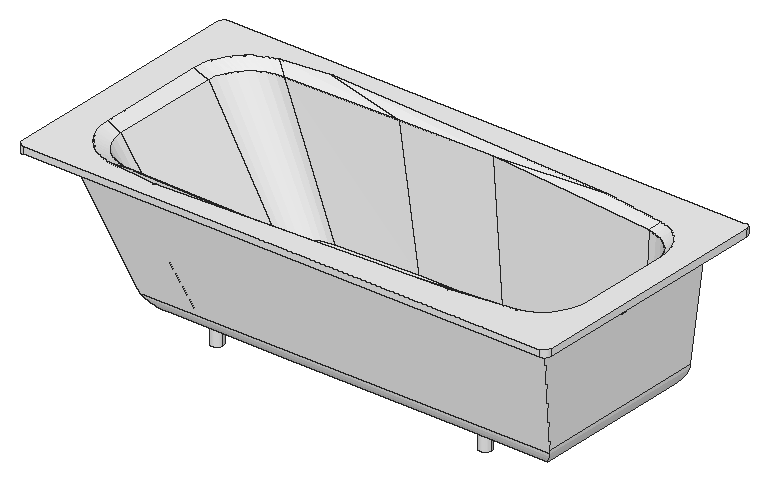
Revit family "Bathtub_Commercial_FBY1700P_TOTO", category Plumbing Fixtures, host Face, Revit 2013
Parameters
  ecoScorecard_data = " "
  ecoScorecard Product Page = "  "
  Width = 32"
  Waste Connection Radius = Waste Connection NPT / 2  # 1 1/8"
  Waste Connection NPT = 2 1/4"
  Warranty URL = "http://www.totousa.com/warranty-registration"
  Warranty = "Lifetime Limited Warranty"  # constant formula
  URL = "http://www.totousa.com"
  Toto BIM Number = "BM-00066"  # constant formula
  Subcategory = "Bathtubs"  # constant formula
  Style = "Commercial"  # constant formula
  Spec Sheet URL = "http://assets.totousa.com/product-files/SS-00314_FBY1700P.pdf"
  Shipping Weight = 309.00 lbf
  Product Page URL = " "
  Owners Manual URL = "  "
  Model = "FBY1700P"  # constant formula
  Manufacturer Toll Free Phone = "1-888-295-8134"  # constant formula
  Manufacturer Phone = "(770) 282-8686"  # constant formula
  Manufacturer Fax = "(770) 282-0002"  # constant formula
  Manufacturer Email = "mailto:custservice@totousa.com "
  Manufacturer Address = "1155 Southern Road, Morrow, Georgia 30260"  # constant formula
  Manufacturer = "TOTO USA, Inc."  # constant formula
  Height = 18 5/16"
  Finish = Metal - TOTO - Chrome - Polished
  Description = "Enameled Cast Iron Bathtub"  # constant formula
  Depth = 66"
  Default Elevation = 48"
  Cost Info = "mailto:custservice@totousa.com "
  Color Availability = "#01  Cotton, #12  Sedona Beige"  # constant formula
  CAD Drawing URL = "http://assets.totousa.com/product-files/AD-00163_FBY1700.dxf"
  Assembly Code = "D2010510"
  ADA Compliant = yes
  95 CSI = "15410"
  04 CSI = "22 42 19"
Reference planes (in)
  plane 1 "Center (Front/Back)": y = 0
  plane 2: z = 0
  plane 3 "Center (Left/Right)": x = 0
Dimensions and locks (in)
  aligned and locked: plane 2 to host face
  aligned and locked: level to host face
Nested families (in)
  nested 1: "FBY1700P" at (0, 0, 0), type "FBY1700P"
Connectors (in)
  piping at (24.5, 0, 0.75), driven by "Waste Connection Radius"
    settings: on nested 1, index 1, connector radius 1 1/8", flow factor 0, pipe flow 0 GPM, pressure drop 0.00 psi, fitting loss kfactor 0, connector angle 0.00°, fixture units 0, engagement length 0", flow configuration 3, flow direction 1, fitting loss method 0, system type 16, joint type 0, gender type 0, connector reference index -1, connector utility 0, adjustable connector no, is connector primary yes, fitting loss table "", connector description "Waste Outlet Connection"
Definition of nested family "FBY1700P"
  Parameters (values of type "FBY1700P")
    ecoScorecard_data = ""
    ecoScorecard Product Page = ""
    Waste Connection Radius = Waste Connection NPT / 2  # 1 3/32"
    Waste Connection NPT = 2 3/16"
    Waste Connection = yes
    WFU = 0
    Vent Connection = yes
    URL = "http://www.totousa.com"
    Toto Version = "V.01"  # constant formula
    Toto BIM Number = "BM-00066"  # constant formula
    Subcategory = "Baths"  # constant formula
    Shipping Weight = 355.30 lbf
    Product URL = "http://www.totousa.com/ProductDetail/tabid/75/Default.aspx?ProductId=8239ccf7-355c-481f-ae32-b747adef9ec8&SearchId=b0631b88-92bd-46f0-9928-1a77ab90cbb8"
    Nominal Width = 32"  # constant formula
    Nominal Length = 66"  # constant formula
    Nominal Height = 18 5/16"  # constant formula
    Model = "FBY1700P"
    Manufacturer = "TOTO USA, Inc."  # constant formula
    HWFU = 0
    HW Connection = no
    Description = "Enameled Cast Iron Bathtub"
    Default Elevation = 0"
    CWFU = 0
    CW Connection = no
    CADworks URL = "http://www.CADworks.net"
    Bathtub Material = Metal - TOTO - Chrome - Polished
    Assembly Code = "D2010510"
    ADA Compliant = yes
  Reference planes (in)
    plane 1 "Center (Front/Back)": y = 0
    plane 2: z = 0
    plane 3 "Center (Left/Right)": x = 0
    plane 4: z = 18.3125
    plane 5: z = 17.5
    plane 6: x = -33
    plane 7 "Wall Closure": x = 33
    plane 8: y = -16
    plane 9: y = 16
    plane 10: x = 24.5
    plane 11: x = 20
    plane 12: x = -13.4375
    plane 13: y = 9.25
    plane 14: y = -9.25
    plane 15: z = 15.5625
    plane 16: z = 0.75
  Forms (in)
    Extrusion 1, solid
      sketch origin (0, 0, 0) x (1, 0, 0) y (0, 1, 0)
        loop
          line (-48, 48) -> (-48, -48) -> (48, -48) -> (48, 48) -> (-48, 48)
      from 0 to -4.68796
    Extrusion 2, solid, material "Metal - TOTO - Chrome - Polished" <- "Bathtub Material", detail levels medium+fine
      sketch origin (-25, -180, 18.3125) x (-1, 0, 0) y (0, -1, 0)
        loop
          line (7.2125, -164) -> (-57.2125, -164)
          arc (-57.2125, -164) -> (-57.76935, -164.23065) -> (-58, -164.7875) r 0.7875
          line (-58, -164.7875) -> (-58, -195.2125)
          arc (-58, -195.2125) -> (-57.76935, -195.76935) -> (-57.2125, -196) r 0.7875
          line (-57.2125, -196) -> (7.2125, -196)
          arc (7.2125, -196) -> (7.76935, -195.76935) -> (8, -195.2125) r 0.7875
          line (8, -195.2125) -> (8, -164.7875)
          arc (8, -164.7875) -> (7.76935, -164.23065) -> (7.2125, -164) r 0.7875
      from 0 to -0.8125
    Extrusion 3, solid, material "Metal - TOTO - Chrome - Polished" <- "Bathtub Material", detail levels medium+fine
      sketch origin (0, 0, 0) x (1, 0, 0) y (0, 1, 0)
        loop
          line (-33, 16) -> (-33, -16) -> (33, -16) -> (33, 16) -> (-33, 16)
      from 0 to 17.5
    Extrusion 4, void
      sketch origin (0, 0, 0) x (1, 0, 0) y (0, 0, 1)
        loop
          line (33, 17.5) -> (30, 17.5) -> (29.36763, 3.74599)
          arc (29.36763, 3.74599) -> (28.53826, 1.94768) -> (26.68931, 1.23835) r 2.62891
          line (26.68931, 1.23835) -> (-18.65453, 2.13874)
          arc (-18.65453, 2.13874) -> (-20.76422, 2.75421) -> (-22.27653, 4.34873) r 4.21094
          line (-22.27653, 4.34873) -> (-29.375, 17.5) -> (-33, 17.5) -> (-33, 0) -> (33, 0) -> (33, 17.5)
      from -16 to 16
    Extrusion 5, void
      sketch origin (-33, -180, 36.3125) x (0, 0, 1) y (0, -1, 0)
        loop
          line (-35.06953, -188.42213) -> (-35.06953, -171.57787)
          arc (-35.06953, -171.57787) -> (-34.44524, -169.92509) -> (-32.88418, -169.09775) r 2.5
          line (-32.88418, -169.09775) -> (-18.8125, -167.3125) -> (-18.8125, -164) -> (-36.3125, -164) -> (-36.3125, -196) -> (-18.8125, -196) -> (-18.8125, -192.6875) -> (-32.88418, -190.90225)
          arc (-32.88418, -190.90225) -> (-34.44524, -190.07491) -> (-35.06953, -188.42213) r 2.5
      from 0 to 66
    Extrusion 6, solid, material "Metal - TOTO - Chrome - Polished" <- "Bathtub Material", detail levels medium+fine
      sketch origin (0, 0, 0) x (1, 0, 0) y (0, 1, 0)
        loop
          circle (-13.4375, 9.25) r 0.75
        loop
          circle (-13.4375, -9.25) r 0.75
      from 0 to 2.28821
    Extrusion 7, solid, material "Metal - TOTO - Chrome - Polished" <- "Bathtub Material", detail levels medium+fine
      sketch origin (0, 0, 0) x (1, 0, 0) y (0, 1, 0)
        loop
          circle (20, 9.25) r 0.75
        loop
          circle (20, -9.25) r 0.75
      from 0 to 1.92656
    Revolve 8, solid, material "Metal - TOTO - Chrome - Polished" <- "Bathtub Material", detail levels medium+fine
      sketch origin (0, 0, 0) x (1, 0, 0) y (0, 0, 1)
        loop
          line (22.625, 0.75) -> (24.5, 0.75) -> (24.5, 1.65459) -> (22, 1.65459)
          arc (22, 1.65459) -> (22.41359, 1.27214) -> (22.625, 0.75) r 1.2913
        axis (24.5, 0.75) -> (24.5, 1.65459)
      angle from 0 to 360
    SweptBlend 9, void
      path origin (0, 0, 0) x (1, 0, 0) y (0, 0, 1)
        loop
          line (0, 18.3125) -> (0, 17.5)
      profile origin (0, 0, 18.3125) x (0, -1, 0) y (1, 0, 0)
        loop
          line (5.75441, 29.99262) -> (-5.75441, 29.99262)
          arc (-5.75441, 29.99262) -> (-9.2434, 28.74431) -> (-11.14864, 25.56604) r 5.5
          arc (-11.14864, 25.56604) -> (-11.80112, 21.81547) -> (-12.27152, 18.03775) r 78.72079
          arc (-12.27152, 18.03775) -> (-13.55526, 0.19982) -> (-13.84375, -17.68191) r 321.05272
          arc (-13.84375, -17.68191) -> (-13.65961, -20.70976) -> (-13.17998, -23.70505) r 30.95467
          arc (-13.17998, -23.70505) -> (-10.82741, -27.55474) -> (-6.57519, -29.0625) r 6.75
          line (-6.57519, -29.0625) -> (6.77712, -29.0625)
          arc (6.77712, -29.0625) -> (10.85087, -27.62753) -> (13.12594, -23.95621) r 6.5
          arc (13.12594, -23.95621) -> (13.64527, -20.83742) -> (13.84375, -17.68191) r 30.95467
          arc (13.84375, -17.68191) -> (13.55526, 0.19982) -> (12.27152, 18.03775) r 321.05272
          arc (12.27152, 18.03775) -> (11.80112, 21.81547) -> (11.14864, 25.56604) r 78.72079
          arc (11.14864, 25.56604) -> (9.2434, 28.74431) -> (5.75441, 29.99262) r 5.5
      end profile origin (0, 0, 17.5) x (0, -1, 0) y (1, 0, 0)
        loop
          arc (-6.80806, -27.36932) -> (0, -27.5) -> (6.80806, -27.36932) r 177.40586
          arc (6.80806, -27.36932) -> (10.42815, -25.72293) -> (11.85538, -22.01097) r 5.25
          arc (11.85538, -22.01097) -> (11.86309, -14.98457) -> (12.1865, -7.96561) r 156.33891
          arc (12.1865, -7.96561) -> (12.39437, -2.11001) -> (12.2152, 3.74654) r 88.70293
          arc (12.2152, 3.74654) -> (11.38327, 14.3044) -> (10.23462, 24.83252) r 352.59414
          arc (10.23462, 24.83252) -> (8.55793, 28.06796) -> (5.17896, 29.43252) r 5.25
          arc (5.17896, 29.43252) -> (0, 29.50861) -> (-5.17896, 29.43252) r 176.29707
          arc (-5.17896, 29.43252) -> (-8.55793, 28.06796) -> (-10.23462, 24.83252) r 5.25
          arc (-10.23462, 24.83252) -> (-11.38327, 14.3044) -> (-12.2152, 3.74654) r 352.59414
          arc (-12.2152, 3.74654) -> (-12.39437, -2.11001) -> (-12.1865, -7.96561) r 88.70293
          arc (-12.1865, -7.96561) -> (-11.86309, -14.98457) -> (-11.85538, -22.01097) r 156.33891
          arc (-11.85538, -22.01097) -> (-10.42815, -25.72293) -> (-6.80806, -27.36932) r 5.25
    SweptBlend 10, void
      path origin (0, 0, 0) x (1, 0, 0) y (0, 0, 1)
        loop
          line (0, 17.5) -> (0, 2.5)
      profile origin (0, 0, 17.5) x (0, -1, 0) y (1, 0, 0)
        loop
          arc (-11.85538, -22.01097) -> (-10.42815, -25.72293) -> (-6.80806, -27.36932) r 5.25
          arc (-6.80806, -27.36932) -> (0, -27.5) -> (6.80806, -27.36932) r 177.40586
          arc (6.80806, -27.36932) -> (10.42815, -25.72293) -> (11.85538, -22.01097) r 5.25
          arc (11.85538, -22.01097) -> (11.86309, -14.98457) -> (12.1865, -7.96561) r 156.33891
          arc (12.1865, -7.96561) -> (12.39437, -2.11001) -> (12.2152, 3.74654) r 88.70293
          arc (12.2152, 3.74654) -> (11.38327, 14.3044) -> (10.23462, 24.83252) r 352.59414
          arc (10.23462, 24.83252) -> (8.55793, 28.06796) -> (5.17896, 29.43252) r 5.25
          arc (5.17896, 29.43252) -> (0, 29.50861) -> (-5.17896, 29.43252) r 176.29707
          arc (-5.17896, 29.43252) -> (-8.55793, 28.06796) -> (-10.23462, 24.83252) r 5.25
          arc (-10.23462, 24.83252) -> (-11.38327, 14.3044) -> (-12.2152, 3.74654) r 352.59414
          arc (-12.2152, 3.74654) -> (-12.39437, -2.11001) -> (-12.1865, -7.96561) r 88.70293
          arc (-12.1865, -7.96561) -> (-11.86309, -14.98457) -> (-11.85538, -22.01097) r 156.33891
      end profile origin (0, 0, 2.5) x (0, -1, 0) y (1, 0, 0)
        loop
          arc (10.0651, -3.80473) -> (10.24958, 1.39191) -> (10.09057, 6.5894) r 78.72079
          arc (10.09057, 6.5894) -> (9.34744, 16.0104) -> (8.32015, 25.40466) r 312.91513
          arc (8.32015, 25.40466) -> (7.21756, 27.62507) -> (4.97053, 28.67232) r 3.75
          arc (4.97053, 28.67232) -> (0, 28.91919) -> (-4.97053, 28.67232) r 50.16318
          arc (-4.97053, 28.67232) -> (-7.21756, 27.62507) -> (-8.32015, 25.40466) r 3.75
          arc (-8.32015, 25.40466) -> (-9.34744, 16.0104) -> (-10.09057, 6.5894) r 312.91513
          arc (-10.09057, 6.5894) -> (-10.24958, 1.39191) -> (-10.0651, -3.80473) r 78.72079
          arc (-10.0651, -3.80473) -> (-9.80905, -8.91267) -> (-9.74143, -14.02657) r 138.74539
          arc (-9.74143, -14.02657) -> (-8.68835, -16.65176) -> (-6.10093, -17.79451) r 3.75
          arc (-6.10093, -17.79451) -> (0, -17.88357) -> (6.10093, -17.79451) r 209.01907
          arc (6.10093, -17.79451) -> (8.68835, -16.65176) -> (9.74143, -14.02657) r 3.75
          arc (9.74143, -14.02657) -> (9.80905, -8.91267) -> (10.0651, -3.80473) r 138.74539
    Extrusion 11, void
      sketch origin (33, -180, 36.3125) x (0, 0, 1) y (0, 1, 0)
        loop
          circle (-20.75, 180) r 1.1875
      from 0 to 8.5
    Extrusion 12, void
      sketch origin (0, 0, 0) x (0, 1, 0) y (1, 0, 0)
        loop
          circle (0, 24.5) r 1.09375
      from -0.75 to -15.5625
    Extrusion 13, solid, material "Metal - TOTO - Chrome - Polished" <- "Bathtub Material", detail levels coarse
      sketch origin (-25, -180, 18.3125) x (-1, 0, 0) y (0, -1, 0)
        loop
          line (8, -196) -> (8, -164) -> (-58, -164) -> (-58, -196) -> (8, -196)
      from -18.3125 to 0
  Cuts and joins
    Extrusion 4, Extrusion 5, SweptBlend 9, SweptBlend 10 cuts Extrusion 2
    Extrusion 4, Extrusion 5, SweptBlend 9, SweptBlend 10, Extrusion 11, Extrusion 12 cuts Extrusion 3
    SweptBlend 9, SweptBlend 10, Extrusion 11, Extrusion 12 cuts Extrusion 6
    SweptBlend 9, SweptBlend 10, Extrusion 11, Extrusion 12 cuts Extrusion 7
    SweptBlend 9, SweptBlend 10, Extrusion 11, Extrusion 12 cuts Revolve 8
    joined: Extrusion 3, Extrusion 6, Extrusion 7, Revolve 8
  Lines and regions (in)
    symbolic lines, detail levels medium+fine
      curve 1: arc (-17.79451, 6.10093, 18.3125) -> (-17.88357, 0, 18.3125) -> (-17.79451, -6.10093, 18.3125) r 209.01907
      curve 2: arc (-17.79451, -6.10093, 18.3125) -> (-16.65176, -8.68835, 18.3125) -> (-14.02657, -9.74143, 18.3125) r 3.75
      curve 3: arc (-14.02657, -9.74143, 18.3125) -> (-8.91267, -9.80905, 18.3125) -> (-3.80473, -10.0651, 18.3125) r 138.74539
      curve 4: arc (-14.02657, 9.74143, 18.3125) -> (-16.65176, 8.68835, 18.3125) -> (-17.79451, 6.10093, 18.3125) r 3.75
      curve 5: arc (28.67232, 4.97053, 18.3125) -> (27.62507, 7.21756, 18.3125) -> (25.40466, 8.32015, 18.3125) r 3.75
      curve 6: arc (28.67232, -4.97053, 18.3125) -> (28.91919, 0, 18.3125) -> (28.67232, 4.97053, 18.3125) r 50.16318
      curve 7: arc (25.40466, -8.32015, 18.3125) -> (27.62507, -7.21756, 18.3125) -> (28.67232, -4.97053, 18.3125) r 3.75
      curve 8: arc (6.5894, -10.09057, 18.3125) -> (16.0104, -9.34744, 18.3125) -> (25.40466, -8.32015, 18.3125) r 312.91513
      curve 9: arc (25.40466, 8.32015, 18.3125) -> (16.0104, 9.34744, 18.3125) -> (6.5894, 10.09057, 18.3125) r 312.91513
      curve 10: arc (6.5894, 10.09057, 18.3125) -> (1.39191, 10.24958, 18.3125) -> (-3.80473, 10.0651, 18.3125) r 78.72079
      curve 11: arc (-3.80473, 10.0651, 18.3125) -> (-8.91267, 9.80905, 18.3125) -> (-14.02657, 9.74143, 18.3125) r 138.74539
      curve 12: arc (-3.80473, -10.0651, 18.3125) -> (1.39191, -10.24958, 18.3125) -> (6.5894, -10.09057, 18.3125) r 78.72079
      curve 13: arc (24.5, 1.09375, 18.3125) -> (25.59375, 0, 18.3125) -> (24.5, -1.09375, 18.3125) r 1.09375
      curve 14: arc (24.5, -1.09375, 18.3125) -> (23.40625, 0, 18.3125) -> (24.5, 1.09375, 18.3125) r 1.09375
      curve 15: line (-29.0625, -6.77712, 18.3125) -> (-29.0625, 6.57519, 18.3125)
      curve 16: arc (-29.0625, 6.57519, 18.3125) -> (-27.55474, 10.82741, 18.3125) -> (-23.70505, 13.17998, 18.3125) r 6.75
      curve 17: arc (-23.95621, -13.12594, 18.3125) -> (-27.62753, -10.85087, 18.3125) -> (-29.0625, -6.77712, 18.3125) r 6.5
      curve 18: arc (-17.68191, -13.84375, 18.3125) -> (-20.83742, -13.64527, 18.3125) -> (-23.95621, -13.12594, 18.3125) r 30.95467
      curve 19: arc (18.03775, -12.27152, 18.3125) -> (0.19982, -13.55526, 18.3125) -> (-17.68191, -13.84375, 18.3125) r 321.05272
      curve 20: arc (25.56604, -11.14864, 18.3125) -> (21.81547, -11.80112, 18.3125) -> (18.03775, -12.27152, 18.3125) r 78.72079
      curve 21: arc (29.99262, -5.75441, 18.3125) -> (28.74431, -9.2434, 18.3125) -> (25.56604, -11.14864, 18.3125) r 5.5
      curve 22: arc (25.56604, 11.14864, 18.3125) -> (28.74431, 9.2434, 18.3125) -> (29.99262, 5.75441, 18.3125) r 5.5
      curve 23: arc (18.03775, 12.27152, 18.3125) -> (21.81547, 11.80112, 18.3125) -> (25.56604, 11.14864, 18.3125) r 78.72079
      curve 24: arc (-17.68191, 13.84375, 18.3125) -> (0.19982, 13.55526, 18.3125) -> (18.03775, 12.27152, 18.3125) r 321.05272
      curve 25: arc (-23.70505, 13.17998, 18.3125) -> (-20.70976, 13.65961, 18.3125) -> (-17.68191, 13.84375, 18.3125) r 30.95467
      curve 26: line (29.99262, 5.75441, 18.3125) -> (29.99262, -5.75441, 18.3125)
      curve 27: arc (-27.36932, 6.80806, 18.3125) -> (-27.5, 0, 18.3125) -> (-27.36932, -6.80806, 18.3125) r 177.40586
      curve 28: arc (-27.36932, -6.80806, 18.3125) -> (-25.72293, -10.42815, 18.3125) -> (-22.01097, -11.85538, 18.3125) r 5.25
      curve 29: arc (-22.01097, -11.85538, 18.3125) -> (-14.98457, -11.86309, 18.3125) -> (-7.96561, -12.1865, 18.3125) r 156.33891
      curve 30: arc (-7.96561, -12.1865, 18.3125) -> (-2.11001, -12.39437, 18.3125) -> (3.74654, -12.2152, 18.3125) r 88.70293
      curve 31: arc (3.74654, -12.2152, 18.3125) -> (14.3044, -11.38327, 18.3125) -> (24.83252, -10.23462, 18.3125) r 352.59414
      curve 32: arc (24.83252, -10.23462, 18.3125) -> (28.06796, -8.55793, 18.3125) -> (29.43252, -5.17896, 18.3125) r 5.25
      curve 33: arc (29.43252, -5.17896, 18.3125) -> (29.50861, 0, 18.3125) -> (29.43252, 5.17896, 18.3125) r 176.29707
      curve 34: arc (29.43252, 5.17896, 18.3125) -> (28.06796, 8.55793, 18.3125) -> (24.83252, 10.23462, 18.3125) r 5.25
      curve 35: arc (24.83252, 10.23462, 18.3125) -> (14.3044, 11.38327, 18.3125) -> (3.74654, 12.2152, 18.3125) r 352.59414
      curve 36: arc (3.74654, 12.2152, 18.3125) -> (-2.11001, 12.39437, 18.3125) -> (-7.96561, 12.1865, 18.3125) r 88.70293
      curve 37: arc (-7.96561, 12.1865, 18.3125) -> (-14.98457, 11.86309, 18.3125) -> (-22.01097, 11.85538, 18.3125) r 156.33891
      curve 38: arc (-22.01097, 11.85538, 18.3125) -> (-25.72293, 10.42815, 18.3125) -> (-27.36932, 6.80806, 18.3125) r 5.25
      curve 40: arc (-33, -15.2125, 18.3125) -> (-32.76935, -15.76935, 18.3125) -> (-32.2125, -16, 18.3125) r 0.7875
      curve 42: arc (32.2125, -16, 18.3125) -> (32.76935, -15.76935, 18.3125) -> (33, -15.2125, 18.3125) r 0.7875
      curve 44: arc (33, 15.2125, 18.3125) -> (32.76935, 15.76935, 18.3125) -> (32.2125, 16, 18.3125) r 0.7875
      curve 46: arc (-32.2125, 16, 18.3125) -> (-32.76935, 15.76935, 18.3125) -> (-33, 15.2125, 18.3125) r 0.7875
      curve 48: line (-33, 0, 17.5) -> (33, 0, 17.5)
      curve 49: line (-22.27653, 0, 4.34873) -> (-29.375, 0, 17.5)
      curve 50: arc (-18.65453, 0, 2.13874) -> (-20.76422, 0, 2.75421) -> (-22.27653, 0, 4.34873) r 4.21094
      curve 51: line (26.68931, 0, 1.23835) -> (-18.65453, 0, 2.13874)
      curve 52: arc (29.36763, 0, 3.74599) -> (28.53826, 0, 1.94768) -> (26.68931, 0, 1.23835) r 2.62891
      curve 53: line (30, 0, 17.5) -> (29.36763, 0, 3.74599)
      curve 56: line (-14.18752, 0, 2.05004) -> (-14.18752, 0, 0.05004)
      curve 57: line (-14.18752, 0, 0.05004) -> (-12.68752, 0, 0.05004)
      curve 58: line (-12.68752, 0, 0.05004) -> (-12.68752, 0, 2.02025)
      curve 59: line (19.25, 0, -0.00639) -> (19.25, 0, 1.38607)
      curve 60: line (20.74535, 0, 1.35638) -> (20.74535, 0, -0.00639)
      curve 61: line (20.74535, 0, -0.00639) -> (19.25, 0, -0.00639)
      curve 62: line (22.625, 0, 0.75) -> (26.375, 0, 0.75)
      curve 63: arc (22.625, 0, 0.75) -> (22.53642, 0, 1.05272) -> (22.37553, 0, 1.32401) r 1.2617
      curve 64: arc (26.375, 0, 0.75) -> (26.43547, 0, 1.00883) -> (26.56519, 0, 1.24081) r 0.95108
      curve 65: line (33, 12.6875, 17.5) -> (33, 10.90225, 3.42832)
      curve 66: arc (33, 10.90225, 3.42832) -> (33, 10.07491, 1.86726) -> (33, 8.42213, 1.24297) r 2.5
      curve 67: line (33, 8.42213, 1.24297) -> (33, -8.42213, 1.24297)
      curve 68: arc (33, -8.42213, 1.24297) -> (33, -10.07491, 1.86726) -> (33, -10.90225, 3.42832) r 2.5
      curve 69: line (33, -10.90225, 3.42832) -> (33, -12.6875, 17.5)
      curve 70: line (33, -16, 17.5) -> (33, 16, 17.5)
      curve 74: arc (33, 1.875, 0.75) -> (33, 1.94719, 1.00286) -> (33, 2.05443, 1.24297) r 1.85391
      curve 75: arc (33, -1.875, 0.75) -> (33, -1.93848, 1.00604) -> (33, -2.05443, 1.24297) r 1.2461
      curve 76: line (33, -1.875, 0.75) -> (33, 1.875, 0.75)
      curve 77: line (33, 10, 0) -> (33, 8.5, 0)
      curve 78: line (33, 8.5, 0) -> (33, 8.5, 1.25)
      curve 79: line (33, 10, 1.80382) -> (33, 10, 0)
      curve 80: line (33, -8.5, 0) -> (33, -10, 0)
      curve 81: line (33, -10, 0) -> (33, -10, 1.80382)
      curve 82: line (33, -8.5, 0) -> (33, -8.5, 1.24419)
    symbolic lines
      curve 39: line (-33, 15.2125, 18.3125) -> (-33, -15.2125, 18.3125)
      curve 41: line (-32.2125, -16, 18.3125) -> (32.2125, -16, 18.3125)
      curve 43: line (33, -15.2125, 18.3125) -> (33, 15.2125, 18.3125)
      curve 45: line (32.2125, 16, 18.3125) -> (-32.2125, 16, 18.3125)
      curve 47: line (33, 0, 18.3125) -> (-33, 0, 18.3125)
      curve 54: line (-33, 0, 17.5) -> (-33, 0, 18.3125)
      curve 55: line (33, 0, 17.5) -> (33, 0, 18.3125)
      curve 71: line (33, 16, 18.3125) -> (33, -16, 18.3125)
      curve 72: line (33, 16, 17.5) -> (33, 16, 18.3125)
      curve 73: line (33, -16, 17.5) -> (33, -16, 18.3125)
    symbolic lines, detail levels coarse
      curve 83: line (-33, 0, 17.5) -> (-33, 0, 0)
      curve 84: line (-33, 0, 0) -> (33, 0, 0)
      curve 85: line (33, 0, 0) -> (33, 0, 17.5)
      curve 86: line (33, 16, 17.5) -> (33, 16, 0)
      curve 87: line (33, 16, 0) -> (33, -16, 0)
      curve 88: line (33, -16, 0) -> (33, -16, 17.5)
      curve 89: line (-33, 15.2125, 18.3125) -> (-33, 16, 18.3125)
      curve 90: line (-33, 16, 18.3125) -> (-32.2125, 16, 18.3125)
      curve 91: line (32.2125, 16, 18.3125) -> (33, 16, 18.3125)
      curve 92: line (33, 16, 18.3125) -> (33, 15.2125, 18.3125)
      curve 93: line (32.2125, -16, 18.3125) -> (33, -16, 18.3125)
      curve 94: line (33, -16, 18.3125) -> (33, -15.2125, 18.3125)
      curve 95: line (-32.2125, -16, 18.3125) -> (-33, -16, 18.3125)
      curve 96: line (-33, -16, 18.3125) -> (-33, -15.2125, 18.3125)
  Dimensions and locks (in)
    "Nominal Height": plane 4 to plane 2
    locked: plane 5 to plane 2 at 17.5
    equal spacing: plane 6, plane 3 "Center (Left/Right)", plane 7 "Wall Closure"
    "Nominal Length": plane 6 to plane 7 "Wall Closure"
    equal spacing: plane 9, plane 1 "Center (Front/Back)", plane 8
    "Nominal Width": plane 9 to plane 8
    locked: plane 7 "Wall Closure" to Extrusion 4 sketch curve at 3
    locked: plane 4 to Extrusion 4 sketch curve at 14.56651
    locked: plane 7 "Wall Closure" to Extrusion 4 sketch curve at 3.63237
    locked: plane 4 to Extrusion 4 sketch curve at 17.07415
    locked: plane 7 "Wall Closure" to Extrusion 4 sketch curve at 6.31069
    locked: plane 6 to Extrusion 4 sketch curve at 3.625
    locked: plane 4 to Extrusion 4 sketch curve at 13.96377
    locked: plane 6 to Extrusion 4 sketch curve at 10.72347
    locked: plane 4 to Extrusion 4 sketch curve at 16.17459
    locked: plane 6 to Extrusion 4 sketch curve at 14.34547
    locked: plane 9 to Extrusion 5 sketch curve at 3.3125
    locked: Extrusion 5 sketch curve to plane 8 at 3.3125
    locked: Extrusion 5 sketch curve to plane 2 at 1.24297
    Extrusion 5 sketch curve to plane 1 "Center (Front/Back)" to Extrusion 5 sketch curve = 10.90225" locked, 10.90225" locked
    locked: Extrusion 5 sketch curve to level at 3.42832
    locked: Extrusion 5 sketch curve to plane 2 at 3.42832
    Extrusion 5 sketch curve to plane 1 "Center (Front/Back)" to Extrusion 5 sketch curve = 8.42213" locked, 8.42213" locked
    locked: plane 11 to plane 7 "Wall Closure" at 13
    locked: plane 12 to plane 11 at 33.4375
    locked: plane 10 to plane 7 "Wall Closure" at 8.5
    locked: plane 1 "Center (Front/Back)" to plane 14 at 9.25
    locked: plane 1 "Center (Front/Back)" to plane 13 at 9.25
    locked: plane 14 to Extrusion 6 sketch curve at 0
    locked: plane 12 to Extrusion 6 sketch curve at 0  (x2)
    locked: plane 13 to Extrusion 6 sketch curve at 0
    locked: Extrusion 6 to plane 2 at 2.28821
    locked: plane 14 to Extrusion 7 sketch curve at 0
    locked: plane 13 to Extrusion 7 sketch curve at 0
    locked: plane 11 to Extrusion 7 sketch curve at 0  (x2)
    locked: Extrusion 7 to plane 2 at 1.92656
    locked: plane 10 to Revolve 8 sketch curve at 2.5
    locked: Revolve 8 sketch curve to plane 2 at 0.75
    locked: Revolve 8 sketch curve to plane 2 at 1.65459
    locked: SweptBlend 10 sketch curve to plane 2 at 2.5
    locked: plane 3 "Center (Left/Right)" to SweptBlend 9 sketch curve at 29.99262
    locked: SweptBlend 9 sketch curve to plane 3 "Center (Left/Right)" at 29.0625
    SweptBlend 9 sketch curve to plane 1 "Center (Front/Back)" to SweptBlend 9 sketch curve = 13 27/32" locked, 13 27/32" locked
    SweptBlend 9 sketch curve to plane 1 "Center (Front/Back)" to SweptBlend 9 sketch curve = 6.77712" locked, 6.57519" locked
    SweptBlend 9 sketch curve to plane 1 "Center (Front/Back)" to SweptBlend 9 sketch curve = 11.14864" locked, 11.14864" locked
    SweptBlend 9 sketch curve to plane 1 "Center (Front/Back)" to SweptBlend 9 sketch curve = 12.27152" locked, 12.27152" locked
    locked: SweptBlend 9 sketch curve to plane 3 "Center (Left/Right)" at 17.68191  (x2)
    locked: plane 3 "Center (Left/Right)" to SweptBlend 9 sketch curve at 18.03775  (x2)
    locked: SweptBlend 9 sketch curve to plane 3 "Center (Left/Right)" at 23.95621
    locked: SweptBlend 9 sketch curve to plane 3 "Center (Left/Right)" at 23.70505
    locked: plane 3 "Center (Left/Right)" to SweptBlend 9 sketch curve at 25.56604  (x2)
    locked: plane 1 "Center (Front/Back)" to SweptBlend 9 sketch curve at 6.80806
    locked: SweptBlend 9 sketch curve to plane 1 "Center (Front/Back)" at 6.80806
    SweptBlend 9 sketch curve to plane 1 "Center (Front/Back)" to SweptBlend 9 sketch curve = 11.85538" locked, 11.85538" locked
    SweptBlend 9 sketch curve to plane 1 "Center (Front/Back)" to SweptBlend 9 sketch curve = 5.17896" locked, 5.17896" locked
    SweptBlend 9 sketch curve to plane 1 "Center (Front/Back)" to SweptBlend 9 sketch curve = 10.23462" locked, 10.23462" locked
    SweptBlend 9 sketch curve to plane 1 "Center (Front/Back)" to SweptBlend 9 sketch curve = 12.2152" locked, 12.2152" locked
    SweptBlend 9 sketch curve to plane 1 "Center (Front/Back)" to SweptBlend 9 sketch curve = 12.1865" locked, 12.1865" locked
    SweptBlend 9 sketch curve to plane 3 "Center (Left/Right)" to SweptBlend 9 sketch curve = 7.96561" locked, 3.74654" locked  (x2)
    locked: SweptBlend 9 sketch curve to plane 3 "Center (Left/Right)" at 22.01097  (x2)
    locked: plane 3 "Center (Left/Right)" to SweptBlend 9 sketch curve at 24.83252  (x2)
    locked: plane 3 "Center (Left/Right)" to SweptBlend 9 sketch curve at 29.43252  (x2)
    locked: SweptBlend 9 sketch curve to plane 3 "Center (Left/Right)" at 27.36932  (x2)
    locked: SweptBlend 10 sketch curve to plane 3 "Center (Left/Right)" at 17.79451
    locked: plane 3 "Center (Left/Right)" to SweptBlend 10 sketch curve at 28.67232
    locked: SweptBlend 10 sketch curve to plane 3 "Center (Left/Right)" at 14.02657
    locked: plane 3 "Center (Left/Right)" to SweptBlend 10 sketch curve at 25.40466
    locked: SweptBlend 10 sketch curve to plane 3 "Center (Left/Right)" at 3.80473
    locked: plane 3 "Center (Left/Right)" to SweptBlend 10 sketch curve at 6.5894
    locked: plane 1 "Center (Front/Back)" to SweptBlend 10 sketch curve at 8.32015
    locked: SweptBlend 10 sketch curve to plane 1 "Center (Front/Back)" at 8.32015
    SweptBlend 10 sketch curve to plane 1 "Center (Front/Back)" to SweptBlend 10 sketch curve = 4.97053" locked, 4.97053" locked
    SweptBlend 10 sketch curve to plane 1 "Center (Front/Back)" to SweptBlend 10 sketch curve = 10.09057" locked, 10.09057" locked
    SweptBlend 10 sketch curve to plane 1 "Center (Front/Back)" to SweptBlend 10 sketch curve = 10.0651" locked, 10.0651" locked
    SweptBlend 10 sketch curve to plane 1 "Center (Front/Back)" to SweptBlend 10 sketch curve = 9.74143" locked, 9.74143" locked
    SweptBlend 10 sketch curve to plane 3 "Center (Left/Right)" to SweptBlend 10 sketch curve = 17.79451" locked, 28.67232" locked
    SweptBlend 10 sketch curve to plane 3 "Center (Left/Right)" to SweptBlend 10 sketch curve = 14.02657" locked, 25.40466" locked
    SweptBlend 10 sketch curve to plane 3 "Center (Left/Right)" to SweptBlend 10 sketch curve = 3.80473" locked, 6.5894" locked
    locked: Extrusion 11 sketch curve to plane 1 "Center (Front/Back)" at 0
    locked: Extrusion 11 sketch curve to plane 15 at 0
    locked: plane 1 "Center (Front/Back)" to Extrusion 12 sketch curve at 0
    locked: Extrusion 12 sketch curve to plane 10 at 0
    locked: plane 4 to plane 15 at 2.75
    locked: plane 10 to Revolve 8 sketch curve at 1.875
    locked: plane 16 to plane 2 at 0.75
    radius of Extrusion 2 sketch curve = 0.7875"  (x4)
    radius of Extrusion 4 sketch curve = 4 27/128"
    radius of Extrusion 4 sketch curve = 2 161/256"
    radius of Extrusion 6 sketch curve = 3/4"  (x2)
    radius of Extrusion 7 sketch curve = 3/4"  (x2)
    radius of SweptBlend 9 sketch curve = 6 3/4"
    radius of SweptBlend 9 sketch curve = 6 1/2"
    radius of SweptBlend 9 sketch curve = 5 1/2"  (x2)
    radius of SweptBlend 9 sketch curve = 321.05272"  (x2)
    radius of SweptBlend 9 sketch curve = 78.72079"  (x2)
    radius of SweptBlend 10 sketch curve = 3 3/4"  (x4)
    radius of SweptBlend 10 sketch curve = 209.01907"
    radius of SweptBlend 10 sketch curve = 138.74539"  (x2)
    radius of SweptBlend 10 sketch curve = 78.72079"  (x2)
    radius of SweptBlend 10 sketch curve = 312.91513"  (x2)
    radius of SweptBlend 10 sketch curve = 50.16318"
    radius of Extrusion 11 sketch curve = 1 3/16"
    "Waste Connection Radius": radius of Extrusion 12 sketch curve
    radius of Revolve 8 sketch curve = 1.2913"
    aligned and locked: plane 2 to Extrusion 1
    aligned and locked: level to Extrusion 1
    aligned and locked: plane 7 "Wall Closure" to Extrusion 2 sketch curve
    aligned and locked: Extrusion 2 sketch curve to plane 8
    aligned and locked: plane 6 to Extrusion 2 sketch curve
    aligned and locked: Extrusion 2 sketch curve to plane 9
    aligned and locked: Extrusion 2 to plane 4
    aligned and locked: Extrusion 2 to plane 5
    aligned and locked: plane 9 to Extrusion 3 sketch curve
    aligned and locked: Extrusion 3 sketch curve to plane 7 "Wall Closure"
    aligned and locked: Extrusion 3 sketch curve to plane 6
    aligned and locked: plane 8 to Extrusion 3 sketch curve
    aligned and locked: plane 5 to Extrusion 3
    aligned and locked: Extrusion 3 to plane 2
    aligned and locked: plane 5 to Extrusion 4 sketch curve
    aligned and locked: plane 7 "Wall Closure" to Extrusion 4 sketch curve
    aligned and locked: Extrusion 4 sketch curve to plane 5
    aligned and locked: plane 6 to Extrusion 4 sketch curve
    aligned and locked: Extrusion 4 sketch curve to plane 2
    aligned and locked: cut or joined group of Extrusion 3, Extrusion 4, Extrusion 5, Extrusion 6, Extrusion 7, Revolve 8, SweptBlend 9, SweptBlend 10, Extrusion 11, Extrusion 12 to plane 8
    aligned and locked: cut or joined group of Extrusion 3, Extrusion 4, Extrusion 5, Extrusion 6, Extrusion 7, Revolve 8, SweptBlend 9, SweptBlend 10, Extrusion 11, Extrusion 12 to plane 9
    aligned and locked: Extrusion 5 sketch curve to plane 2
    aligned and locked: plane 8 to Extrusion 5 sketch curve
    aligned and locked: Extrusion 5 sketch curve to plane 9
    aligned and locked: plane 5 to Extrusion 5 sketch curve  (x2)
    aligned and locked: plane 7 "Wall Closure" to cut or joined group of Extrusion 3, Extrusion 4, Extrusion 5, Extrusion 6, Extrusion 7, Revolve 8, SweptBlend 9, SweptBlend 10, Extrusion 11, Extrusion 12
    aligned and locked: plane 6 to Extrusion 4
    aligned and locked: Extrusion 6 to plane 2
    aligned and locked: plane 10 to Revolve 8 sketch curve  (x3)
    aligned: cut or joined group of Extrusion 2, Extrusion 4, Extrusion 5, SweptBlend 9, SweptBlend 10 to SweptBlend 9 sketch curve  (x2)
    aligned and locked: SweptBlend 9 sketch curve to plane 3 "Center (Left/Right)"
    aligned and locked: plane 5 to SweptBlend 10 sketch curve
    aligned and locked: SweptBlend 10 sketch curve to plane 3 "Center (Left/Right)"
    aligned and locked: plane 7 "Wall Closure" to Extrusion 11
    aligned and locked: Extrusion 11 to plane 10
    aligned: Extrusion 12 to plane 2
    aligned and locked: plane 15 to Extrusion 12
    aligned: Extrusion 12 to level
    aligned and locked: Revolve 8 to Extrusion 12
    aligned and locked: curve 1 to cut or joined group of Extrusion 3, Extrusion 4, Extrusion 5, Extrusion 6, Extrusion 7, Revolve 8, SweptBlend 9, SweptBlend 10, Extrusion 11, Extrusion 12
    aligned and locked: curve 2 to cut or joined group of Extrusion 3, Extrusion 4, Extrusion 5, Extrusion 6, Extrusion 7, Revolve 8, SweptBlend 9, SweptBlend 10, Extrusion 11, Extrusion 12
    aligned and locked: curve 4 to cut or joined group of Extrusion 3, Extrusion 4, Extrusion 5, Extrusion 6, Extrusion 7, Revolve 8, SweptBlend 9, SweptBlend 10, Extrusion 11, Extrusion 12
    aligned and locked: curve 5 to cut or joined group of Extrusion 3, Extrusion 4, Extrusion 5, Extrusion 6, Extrusion 7, Revolve 8, SweptBlend 9, SweptBlend 10, Extrusion 11, Extrusion 12
    aligned and locked: curve 6 to cut or joined group of Extrusion 3, Extrusion 4, Extrusion 5, Extrusion 6, Extrusion 7, Revolve 8, SweptBlend 9, SweptBlend 10, Extrusion 11, Extrusion 12
    aligned and locked: curve 7 to cut or joined group of Extrusion 3, Extrusion 4, Extrusion 5, Extrusion 6, Extrusion 7, Revolve 8, SweptBlend 9, SweptBlend 10, Extrusion 11, Extrusion 12
    aligned and locked: curve 8 to cut or joined group of Extrusion 3, Extrusion 4, Extrusion 5, Extrusion 6, Extrusion 7, Revolve 8, SweptBlend 9, SweptBlend 10, Extrusion 11, Extrusion 12
    aligned and locked: curve 9 to cut or joined group of Extrusion 3, Extrusion 4, Extrusion 5, Extrusion 6, Extrusion 7, Revolve 8, SweptBlend 9, SweptBlend 10, Extrusion 11, Extrusion 12
    aligned and locked: curve 10 to cut or joined group of Extrusion 3, Extrusion 4, Extrusion 5, Extrusion 6, Extrusion 7, Revolve 8, SweptBlend 9, SweptBlend 10, Extrusion 11, Extrusion 12
    aligned and locked: curve 11 to cut or joined group of Extrusion 3, Extrusion 4, Extrusion 5, Extrusion 6, Extrusion 7, Revolve 8, SweptBlend 9, SweptBlend 10, Extrusion 11, Extrusion 12
    aligned and locked: curve 12 to cut or joined group of Extrusion 3, Extrusion 4, Extrusion 5, Extrusion 6, Extrusion 7, Revolve 8, SweptBlend 9, SweptBlend 10, Extrusion 11, Extrusion 12
    aligned and locked: curve 13 to cut or joined group of Extrusion 3, Extrusion 4, Extrusion 5, Extrusion 6, Extrusion 7, Revolve 8, SweptBlend 9, SweptBlend 10, Extrusion 11, Extrusion 12
    aligned and locked: curve 14 to cut or joined group of Extrusion 3, Extrusion 4, Extrusion 5, Extrusion 6, Extrusion 7, Revolve 8, SweptBlend 9, SweptBlend 10, Extrusion 11, Extrusion 12
    aligned and locked: curve 16 to cut or joined group of Extrusion 2, Extrusion 4, Extrusion 5, SweptBlend 9, SweptBlend 10
    aligned and locked: curve 17 to cut or joined group of Extrusion 2, Extrusion 4, Extrusion 5, SweptBlend 9, SweptBlend 10
    aligned and locked: curve 18 to cut or joined group of Extrusion 2, Extrusion 4, Extrusion 5, SweptBlend 9, SweptBlend 10
    aligned and locked: curve 19 to cut or joined group of Extrusion 2, Extrusion 4, Extrusion 5, SweptBlend 9, SweptBlend 10
    aligned and locked: curve 20 to cut or joined group of Extrusion 2, Extrusion 4, Extrusion 5, SweptBlend 9, SweptBlend 10
    aligned and locked: curve 21 to cut or joined group of Extrusion 2, Extrusion 4, Extrusion 5, SweptBlend 9, SweptBlend 10
    aligned and locked: curve 22 to cut or joined group of Extrusion 2, Extrusion 4, Extrusion 5, SweptBlend 9, SweptBlend 10
    aligned and locked: curve 23 to cut or joined group of Extrusion 2, Extrusion 4, Extrusion 5, SweptBlend 9, SweptBlend 10
    aligned and locked: curve 24 to cut or joined group of Extrusion 2, Extrusion 4, Extrusion 5, SweptBlend 9, SweptBlend 10
    aligned and locked: curve 25 to cut or joined group of Extrusion 2, Extrusion 4, Extrusion 5, SweptBlend 9, SweptBlend 10
  Automatic sketch dimensions
    Extrusion 1 sketch curve to Extrusion 1 sketch curve = 96"  (x2)
    SweptBlend 9 sketch curve to SweptBlend 9 sketch curve = 0"  (x13)
    SweptBlend 9 sketch curve to SweptBlend 9 sketch curve = 0.20147"
    SweptBlend 10 sketch curve to plane 1 "Center (Front/Back)" = 0"
    plane 1 "Center (Front/Back)" to SweptBlend 10 sketch curve = 0"
    SweptBlend 10 sketch curve to plane 1 "Center (Front/Back)" = 5.02473"
    SweptBlend 10 sketch curve to plane 1 "Center (Front/Back)" = 5.17896"
    SweptBlend 10 sketch curve to SweptBlend 10 sketch curve = 0"  (x14)
    SweptBlend 10 sketch curve to plane 1 "Center (Front/Back)" = 6.60658"
    SweptBlend 10 sketch curve to SweptBlend 10 sketch curve = 0.20147"  (x2)
    SweptBlend 10 sketch curve to SweptBlend 10 sketch curve = 5.20989"  (x2)
    SweptBlend 10 sketch curve to SweptBlend 10 sketch curve = 5.2488"  (x2)
    SweptBlend 10 sketch curve to plane 1 "Center (Front/Back)" = 12.1865"
    SweptBlend 10 sketch curve to profile plane = 3.74654"
    SweptBlend 10 sketch curve to SweptBlend 10 sketch curve = 0.0287"  (x2)
    profile plane to SweptBlend 10 sketch curve = 1.89264"
    SweptBlend 10 sketch curve to SweptBlend 10 sketch curve = 64.09309"
    SweptBlend 10 sketch curve to SweptBlend 10 sketch curve = 91.85029"
    profile plane to SweptBlend 10 sketch curve = 18.66921"
    SweptBlend 10 sketch curve to SweptBlend 10 sketch curve = 171.50711"
    plane 1 "Center (Front/Back)" to SweptBlend 10 sketch curve = 5.02473"
    plane 1 "Center (Front/Back)" to SweptBlend 10 sketch curve = 5.17896"
    plane 1 "Center (Front/Back)" to SweptBlend 10 sketch curve = 6.60658"
    plane 1 "Center (Front/Back)" to SweptBlend 10 sketch curve = 12.1865"
    Revolve 8 sketch curve to Revolve 8 sketch curve = 0.15793"
    Revolve 8 sketch curve to Revolve 8 sketch curve = 2"
    Extrusion 13 sketch curve to plane 7 "Wall Closure" = 0"
    Extrusion 13 sketch curve to plane 6 = 0"
    plane 9 to Extrusion 13 sketch curve = 0"
    Extrusion 13 sketch curve to plane 8 = 0"
    curve 84 to level = 0"
    plane 6 to curve 84 = 0"
    curve 62 to plane 16 = 0"
    curve 55 to plane 4 = 0"
    curve 55 to plane 7 "Wall Closure" = 0"
    curve 85 to plane 5 = 0"
    curve 49 to plane 6 = 3 5/8"
    plane 16 to curve 49 = 3.59873"
    plane 16 to curve 51 = 1.38874"
    curve 49 to curve 51 = 3.62201"
    curve 50 to curve 50 = 0.0836"
    curve 56 to plane 12 = 0.75002"
    level to curve 57 = 0.05004"
    plane 12 to curve 57 = 0.74998"
    curve 59 to level = 0.00639"
    curve 59 to plane 11 = 3/4"
    plane 11 to curve 61 = 0.74535"
    curve 63 to plane 16 = 0.20018"
    curve 60 to curve 63 = 0.63392"
    plane 16 to curve 63 = 0.57401"
    curve 63 to curve 63 = 0.99625"
    plane 16 to curve 51 = 0.48835"
    curve 64 to curve 51 = 0.12412"
    plane 10 to curve 52 = 2.2415"
    curve 64 to plane 16 = 0.08482"
    curve 52 to curve 64 = 0.63298"
    curve 52 to curve 52 = 2.62613"
    curve 53 to plane 7 "Wall Closure" = 3"
    curve 52 to curve 64 = 0.00246"
    plane 16 to curve 52 = 2.99599"
    curve 71 to plane 4 = 0"
    curve 73 to plane 5 = 0"
    curve 76 to plane 16 = 0"
    curve 80 to level = 0"
    curve 78 to level = 0"
    curve 88 to level = 0"
    curve 72 to plane 9 = 0"
    curve 87 to plane 8 = 0"
    curve 68 to plane 14 = 0.82787"
    curve 68 to plane 16 = 2.99297"
    curve 66 to plane 16 = 2.99297"
    plane 13 to curve 66 = 1.65225"
    curve 66 to curve 66 = 0.31465"
    curve 68 to curve 68 = 0.31465"
    plane 13 to curve 79 = 3/4"
    curve 79 to level = 1.80382"
    plane 14 to curve 81 = 3/4"
    curve 78 to curve 67 = 0.00703"
    curve 82 to curve 68 = 0.00121"
    plane 16 to curve 75 = 0.17015"
    curve 74 to level = 0.36879"
    curve 70 to curve 65 = 3 5/16"
    curve 78 to curve 67 = 0.07787"
    plane 1 "Center (Front/Back)" to curve 74 = 3.6893"
    curve 74 to curve 74 = 1.63487"
    curve 75 to plane 1 "Center (Front/Back)" = 1 7/8"
    curve 76 to curve 75 = 0.17943"
    curve 69 to curve 70 = 3 5/16"
    plane 1 "Center (Front/Back)" to curve 27 = 0"
    curve 94 to plane 7 "Wall Closure" = 0"
    plane 9 to curve 45 = 0"
    curve 90 to plane 6 = 0"
    curve 33 to plane 1 "Center (Front/Back)" = 0"
    curve 96 to plane 8 = 0"
    curve 1 to curve 27 = 41.22965"
    curve 45 to plane 7 "Wall Closure" = 0.7875"
    curve 93 to plane 7 "Wall Closure" = 0.7875"
    curve 33 to curve 6 = 0.7602"
    curve 32 to curve 33 = 0"
    curve 33 to curve 5 = 0.7602"
    curve 34 to curve 33 = 0"
    plane 10 to curve 32 = 0.33252"
    plane 10 to curve 35 = 0.33252"
    curve 34 to curve 35 = 0"
    curve 31 to curve 32 = 0"
    curve 34 to plane 10 = 0.31521"
    curve 32 to plane 10 = 0.31521"
    curve 8 to curve 30 = 2.84285"
    curve 9 to curve 35 = 2.84285"
    curve 36 to curve 35 = 0"
    curve 31 to curve 30 = 0"
    curve 36 to plane 3 "Center (Left/Right)" = 1.89264"
    curve 30 to plane 3 "Center (Left/Right)" = 1.89264"
    curve 12 to plane 14 = 0.8151"
    curve 3 to curve 12 = 0"
    curve 29 to plane 14 = 2.9365"
    curve 3 to curve 29 = 4.16088"
    curve 30 to curve 29 = 0"
    curve 37 to plane 13 = 2.9365"
    curve 11 to curve 37 = 4.16088"
    curve 36 to curve 37 = 0"
    plane 12 to curve 3 = 0.13369"
    curve 35 to plane 12 = 5.23171"
    curve 37 to plane 12 = 5.23171"
    curve 29 to plane 12 = 5.23171"
    curve 38 to curve 25 = 1.69408"
    curve 28 to curve 18 = 1.94524"
    curve 37 to curve 38 = 0"
    curve 29 to curve 28 = 0"
    curve 38 to curve 16 = 0.18931"
    curve 28 to curve 17 = 0.43931"
    curve 27 to curve 38 = 0"
    curve 46 to curve 89 = 0.7875"
    curve 40 to curve 40 = 0.7875"
    plane 6 to curve 33 = 113.78846"
  Connectors (in)
    piping at (24.5, 0, 2.5), driven by "Waste Connection Radius", driven by "WFU", driven by "Waste Connection"
      settings: on cut or joined group of Extrusion 3, Extrusion 4, Extrusion 5, Extrusion 6, Extrusion 7, Revolve 8, SweptBlend 9, SweptBlend 10, Extrusion 11, Extrusion 12, index 1, connector radius 1 3/32", flow factor 0, pipe flow 0 GPM, pressure drop 0.00 psi, fitting loss kfactor 0, connector angle 0.00°, fixture units 0, engagement length 0", flow configuration 3, flow direction 2, fitting loss method 0, system type 16, joint type 0, gender type 0, connector reference index -1, connector utility 0, adjustable connector yes, is connector primary yes, fitting loss table "", connector description "Waste Outlet Connection"
